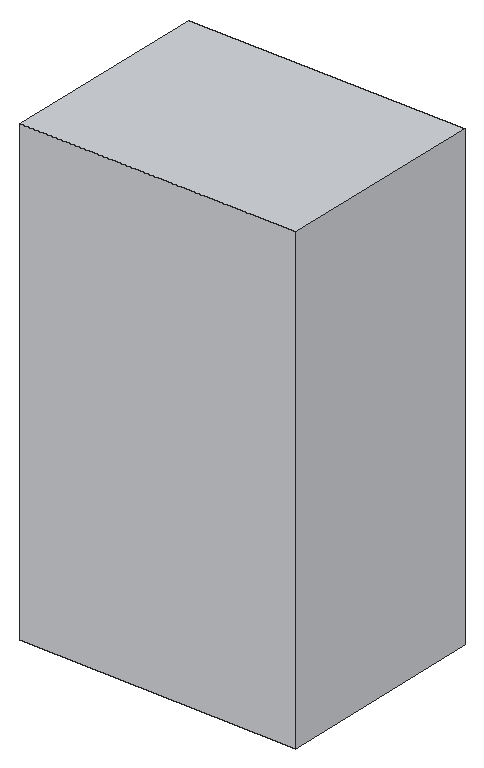
Revit family
Parameters
  Trim Material = Metal - Aluminum
  Warranty Duration (Years) = 0
  URL = "http://www.americanspecialties.com/viewCategories.cfm"
  Body Material = Metal - Aluminum
  Test Data = ""
  Specification = "http://www.arcat.com/sdspecs/htm/10810asi.htm"
  SpecWizard = ""
  Send Message = "http://www.arcat.com/users.pl?action=UserEmail&company=American%20Specialties,%20Inc.&coid=30448&rep=139&fax=914-476-0688&mf="
  Sales Information = "http://www.americanspecialties.com/contact"
  Revision = "R1_10-2010"
  Product Properties = "http://www.americanspecialties.com/datasheets/0264-1A.pdf"
  Product Data = "http://www.arcat.com/arcatcos/cos30/arc30448.html"
  Model = "As Specified in 10 28 13"
  Manufacturer Website = "http://www.americanspecialties.com/viewCategories.cfm"
  Manufacturer Phone - Toll Free = ""
  Manufacturer Phone = "914-476-9000 "
  Manufacturer Fax = "914-476-0688"
  Manufacturer Address = "441 Saw Mill River Rd., Yonkers, NY 10701"
  Manufacturer = "American Specialties, Inc."
  Maintenance Schedule (Months) = 0
  Keynote = "10 28 13"
  Installation-Fabrication = "http://www.americanspecialties.com/products.cfm"
  Green Building-LEED = ""
  Expected Lifespan (Years) = 0
  Drawn By = "Robert S. Weygant. CSI, CDT, SCIP"  # constant formula
  Description = "Toilet Accessory as Specified in 10 28 13"
  Default Elevation = 4' - 0"
  Copyright = "©Arcat Inc."
  Construction Details = "http://www.arcat.com/green/clients/leed_data_30448.html"
  Building Codes = "http://www.americanspecialties.com/products.cfm"
  Assembly Code = "C1030210"
Reference planes (in)
  plane 1 "Floor Line": z = 0
  plane 2 "Center (Left/Right)": x = -0.65843
  plane 3: x = -7.15843
  plane 4: x = 5.84157
  plane 5: y = 0.08388
Forms (in)
  Extrusion 1, solid
    sketch origin (-3.65843, -10.3328, -6) x (0, 0, -1) y (1, 0, 0)
      loop
        line (-82, 26) -> (-82, -19.34712) -> (-6, -19.34712) -> (-6, 26) -> (-82, 26)
    from 9 to -25.60721
  Extrusion 2, solid, material "Metal - Aluminum" <- "Body Material"
    sketch origin (-0.65843, -1.25, 0) x (0, 1, 0) y (0, 0, 1)
      loop
        line (1.45888, 0) -> (1.45888, 3.96999)
        arc (1.45888, 3.96999) -> (1.45004, 3.98612) -> (1.43169, 3.98732) r 0.01912
        line (1.43169, 3.98732) -> (1.05702, 3.81261)
        arc (1.05702, 3.81261) -> (1.03196, 3.79139) -> (1.02113, 3.76038) r 0.06243
        line (1.02113, 3.76038) -> (0.81134, 0.76024)
        arc (0.81134, 0.76024) -> (0.64864, 0.44093) -> (0.31408, 0.3125) r 0.5
        line (0.31408, 0.3125) -> (-0.16726, 0.3125)
        arc (-0.16726, 0.3125) -> (-0.25484, 0.27622) -> (-0.29112, 0.18864) r 0.12386
        line (-0.29112, 0.18864) -> (-0.29112, 0) -> (1.45888, 0)
    from -6.5 to 6.5
  Extrusion 3, void
    sketch origin (0, -1.54112, 0) x (1, 0, 0) y (0, 0, 1)
      loop
        line (5.46657, 4) -> (-0.28201, 4) -> (0.14061, 0.99291)
        arc (0.14061, 0.99291) -> (0.30771, 0.68515) -> (0.63574, 0.5625) r 0.5
        line (0.63574, 0.5625) -> (4.54881, 0.5625)
        arc (4.54881, 0.5625) -> (4.87684, 0.68515) -> (5.04395, 0.99291) r 0.5
        line (5.04395, 0.99291) -> (5.46657, 4)
      loop
        line (-6.78343, 4) -> (-6.36082, 0.99291)
        arc (-6.36082, 0.99291) -> (-6.19371, 0.68515) -> (-5.86568, 0.5625) r 0.5
        line (-5.86568, 0.5625) -> (-1.95261, 0.5625)
        arc (-1.95261, 0.5625) -> (-1.62458, 0.68515) -> (-1.45747, 0.99291) r 0.5
        line (-1.45747, 0.99291) -> (-1.03486, 4) -> (-6.78343, 4)
    from -1.75 to -1.06286
  Extrusion 4, void
    sketch origin (-0.25, -1.5, 0) x (1, 0, 0) y (0, 1, 0)
      loop
        line (-6.90843, 0.45888) -> (-7.28343, 0.45888) -> (-7.28343, -0.41612) -> (-6.40843, -0.41612) -> (-6.40843, -0.04112)
        arc (-6.40843, -0.04112) -> (-6.76199, 0.10533) -> (-6.90843, 0.45888) r 0.5
      loop
        arc (6.09157, 0.45888) -> (5.94512, 0.10533) -> (5.59157, -0.04112) r 0.5
        line (5.59157, -0.04112) -> (5.59157, -0.41612) -> (6.46657, -0.41612) -> (6.46657, 0.45888) -> (6.09157, 0.45888)
    from 0 to 0.3125
  Extrusion 5, solid, material "Metal - Aluminum" <- "Body Material"
    sketch origin (-0.85906, -1.13894, -0.29476) x (0, 1, 0) y (0, 0, 1)
      loop
        spline (1.95944, 4) -> (1.92384, 4.19411) -> (1.81948, 4.375) -> (1.65348, 4.53033) -> (1.43713, 4.64952) -> (1.18519, 4.72444) -> (0.91482, 4.75) -> (0.64446, 4.72444) -> (0.39252, 4.64952) -> (0.17617, 4.53033) -> (0.01016, 4.375) -> (-0.0942, 4.19411) -> (-0.12979, 4)
        spline (-0.12979, 4) -> (-0.0942, 3.80589) -> (0.01016, 3.625) -> (0.17617, 3.46967) -> (0.39252, 3.35048) -> (0.64446, 3.27556) -> (0.91482, 3.25) -> (1.18519, 3.27556) -> (1.43713, 3.35048) -> (1.65348, 3.46967) -> (1.81948, 3.625) -> (1.92384, 3.80589) -> (1.95944, 4)
    from -5.42438 to -0.54938
  Revolve 6, solid, material "Metal - Aluminum" <- "Body Material"
    sketch origin (0, 3.59931, 3.70524) x (0, -1, 0) y (1, 0, 0)
      loop
        line (3.51543, -6.78343) -> (3.66895, -6.78343) -> (3.66895, -6.65843) -> (3.71482, -6.65843) -> (3.71482, -6.40843) -> (3.51543, -6.40843) -> (3.51543, -6.78343)
      axis (3.51543, -6.78343) -> (3.51543, -6.40843)
    angle from 0 to 360
  Revolve 7, solid, material "Metal - Aluminum" <- "Body Material"
    sketch origin (-1.31687, 3.59931, 3.70524) x (0, 1, 0) y (-1, 0, 0)
      loop
        line (-3.51543, -6.78343) -> (-3.51543, -6.40843) -> (-3.71482, -6.40843) -> (-3.71482, -6.65843) -> (-3.66895, -6.65843) -> (-3.66895, -6.78343) -> (-3.51543, -6.78343)
      axis (-3.51543, -6.78343) -> (-3.51543, -6.40843)
    angle from 0 to 360
  Extrusion 8, solid, material "Metal - Aluminum" <- "Body Material"
    sketch origin (5.14094, -1.13894, -0.29476) x (0, 1, 0) y (0, 0, 1)
      loop
        line (0.31251, 3.12587) -> (1.79625, 3.12587)
        arc (1.79625, 3.12587) -> (2.04286, 3.19092) -> (2.22531, 3.36914) r 0.5
        arc (2.22531, 3.36914) -> (2.39988, 4.00087) -> (2.22531, 4.6326) r 1.23034
        arc (2.22531, 4.6326) -> (2.04286, 4.81082) -> (1.79625, 4.87587) r 0.5
        line (1.79625, 4.87587) -> (0.31251, 4.87587)
        arc (0.31251, 4.87587) -> (0.0659, 4.81082) -> (-0.11655, 4.6326) r 0.5
        arc (-0.11655, 4.6326) -> (-0.29112, 4.00087) -> (-0.11655, 3.36914) r 1.23034
        arc (-0.11655, 3.36914) -> (0.0659, 3.19092) -> (0.31251, 3.12587) r 0.5
    from -11.54938 to -11.42438
  Extrusion 9, void
    sketch origin (0, 0, 0) x (1, 0, 0) y (0, 1, 0)
      loop
        line (-5.99175, 0.49833) -> (-5.99175, -1.00167) -> (-4.74175, -1.00167) -> (-4.74175, 0.49833) -> (-5.99175, 0.49833)
      loop
        line (-1.99175, -1.00167) -> (-1.99175, 0.49833) -> (-3.24175, 0.49833) -> (-3.24175, -1.00167) -> (-1.99175, -1.00167)
      loop
        line (-4.61675, -1.00167) -> (-3.36675, -1.00167) -> (-3.36675, 0.49833) -> (-4.61675, 0.49833) -> (-4.61675, -1.00167)
    from 2.8311 to 4.5811
  Extrusion 10, void
    sketch origin (-1.31687, 0, 0) x (-1, 0, 0) y (0, -1, 0)
      loop
        line (-5.99175, -0.49833) -> (-4.74175, -0.49833) -> (-4.74175, 1.00167) -> (-5.99175, 1.00167) -> (-5.99175, -0.49833)
      loop
        line (-1.99175, 1.00167) -> (-3.24175, 1.00167) -> (-3.24175, -0.49833) -> (-1.99175, -0.49833) -> (-1.99175, 1.00167)
      loop
        line (-4.61675, 1.00167) -> (-4.61675, -0.49833) -> (-3.36675, -0.49833) -> (-3.36675, 1.00167) -> (-4.61675, 1.00167)
    from 2.8311 to 4.5811
  Extrusion 11, solid, material "Metal - Aluminum" <- "Body Material"
    sketch origin (5.64094, -1.13894, -0.29476) x (0, 1, 0) y (0, 0, 1)
      loop
        spline (1.95944, 4) -> (1.92384, 4.19411) -> (1.81948, 4.375) -> (1.65348, 4.53033) -> (1.43713, 4.64952) -> (1.18519, 4.72444) -> (0.91482, 4.75) -> (0.64446, 4.72444) -> (0.39252, 4.64952) -> (0.17617, 4.53033) -> (0.01016, 4.375) -> (-0.0942, 4.19411) -> (-0.12979, 4)
        spline (-0.12979, 4) -> (-0.0942, 3.80589) -> (0.01016, 3.625) -> (0.17617, 3.46967) -> (0.39252, 3.35048) -> (0.64446, 3.27556) -> (0.91482, 3.25) -> (1.18519, 3.27556) -> (1.43713, 3.35048) -> (1.65348, 3.46967) -> (1.81948, 3.625) -> (1.92384, 3.80589) -> (1.95944, 4)
    from -5.42438 to -0.54938
  Extrusion 12, solid, material "Metal - Aluminum" <- "Body Material"
    sketch origin (11.64094, -1.13894, -0.29476) x (0, 1, 0) y (0, 0, 1)
      loop
        line (0.31251, 3.12587) -> (1.79625, 3.12587)
        arc (1.79625, 3.12587) -> (2.04286, 3.19092) -> (2.22531, 3.36914) r 0.5
        arc (2.22531, 3.36914) -> (2.39988, 4.00087) -> (2.22531, 4.6326) r 1.23034
        arc (2.22531, 4.6326) -> (2.04286, 4.81082) -> (1.79625, 4.87587) r 0.5
        line (1.79625, 4.87587) -> (0.31251, 4.87587)
        arc (0.31251, 4.87587) -> (0.0659, 4.81082) -> (-0.11655, 4.6326) r 0.5
        arc (-0.11655, 4.6326) -> (-0.29112, 4.00087) -> (-0.11655, 3.36914) r 1.23034
        arc (-0.11655, 3.36914) -> (0.0659, 3.19092) -> (0.31251, 3.12587) r 0.5
    from -11.54938 to -11.42438
  Extrusion 13, solid, material "Metal - Aluminum" <- "Body Material"
    sketch origin (-7.32507, 5.38295, 2.37135) x (0, 0, 1) y (0, -1, 0)
      loop
        circle (1.3339, 5.29907) r 0.09463
    from 5.91663 to 6.35204
  Extrusion 14, solid, material "Metal - Aluminum" <- "Body Material"
    sketch origin (-3.0207, 5.38295, 2.37135) x (0, 0, 1) y (0, -1, 0)
      loop
        circle (1.3339, 5.29907) r 0.09463
    from 2.67015 to 3.11227
Cuts and joins
  Extrusion 3, Extrusion 4, Extrusion 9, Extrusion 10 cuts Extrusion 2
  Extrusion 9, Extrusion 10 cuts Extrusion 5
  Extrusion 10 cuts Extrusion 11
Dimensions and locks (in)
  aligned and locked: Extrusion 2 to plane 3
  aligned and locked: plane 4 to Extrusion 2
  aligned and locked: Extrusion 3 to Extrusion 2
  aligned and locked: Extrusion 4 to Extrusion 2
  aligned and locked: Extrusion 4 to level
  aligned and locked: Revolve 6 sketch curve to Revolve 6 sketch curve
  aligned and locked: Revolve 7 sketch curve to Revolve 7 sketch curve
  aligned and locked: Extrusion 8 to Revolve 6
  aligned and locked: Extrusion 8 to cut or joined group of Extrusion 5, Extrusion 9, Extrusion 10
  aligned and locked: Extrusion 13 to cut or joined group of Extrusion 5, Extrusion 9, Extrusion 10
  aligned and locked: Extrusion 14 to Extrusion 12
